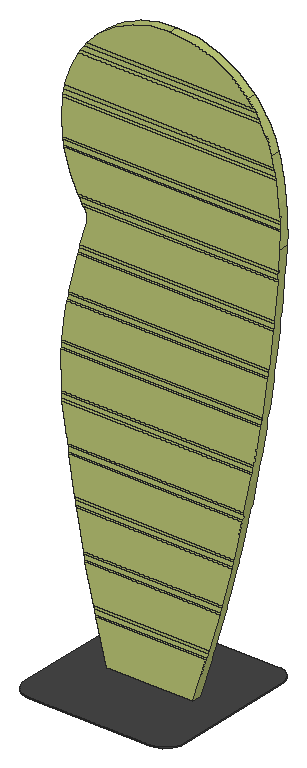
Revit family "Haworth_BuzziPlant_Doldi", category Furniture, Revit 2018
Family settings
  OmniClass Number = 23.40.70.14.64.21
  OmniClass Title = Systems Furniture
  Work Plane-Based = No
  Always vertical = Yes
  Cut with Voids When Loaded = No
  Shared = No
  Room Calculation Point = No
Parameters (values of type "HCBZ-PTS2-2")
  Warranty = "http://www.haworth.com/resources/product-info/warranties"
  Upholstery Finish [instance] = Haworth _ Fabric _ Trevira CS _ Pistache BCS-7009
  Upholstery Depth = 1 15/256"  # constant formula
  URL - Product = "https://www.haworth.com/products/architectural-interiors/acoustic-solutions/buzziplant"
  URL = "http://www.haworth.com/our-brands/haworth-collection"
  Size = "Verify Final Dim. w/ Haworth"  # constant formula
  Revision Number = "1"  # constant formula
  Model = "HCBZ-PTS"  # constant formula
  Manufacturer = "Haworth"  # constant formula
  Description = "Haworth BuzziPlant - Doldi"  # constant formula
  Base Finish [instance] = Haworth _ Paint _ Black BTR-9005
  Author = "Haworth (Abd Rahman)"  # constant formula
  Assembly Code = "E2020200"
  Actual Width = 26 197/256"  # constant formula
  Actual Height = 70 151/256"  # constant formula
  Actual Depth = 19 37/128"  # constant formula
Reference planes (in)
  plane 1 "Center F/B": y = 1.75
  plane 2: z = 0
  plane 3 "Back": y = 11.39453
  plane 4 "Front": y = -7.89453
  plane 5 "Top": z = 70.58984
  plane 6 "Right": x = 42.54045
  plane 7 "Left": x = 15.77092
  plane 8: x = 29.15569
  plane 9 "Front Surface": y = 1.22
  plane 10 "Back Surface": y = 2.28
  plane 11 "Base Top": z = 0.11811
Forms (in)
  Extrusion 1, solid, material "Haworth _ Paint _ Black BTR-9005" <- "Base Finish"
    sketch origin (0, 0, 0) x (1, 0, 0) y (0, 1, 0)
      loop
        arc (33.95479, -7.89453) -> (35.63301, -7.19939) -> (36.32815, -5.52117) r 2.37336
        line (36.32815, -5.52117) -> (36.32815, 9.01953)
        arc (36.32815, 9.01953) -> (35.63253, 10.69891) -> (33.95315, 11.39453) r 2.375
        line (33.95315, 11.39453) -> (19.41181, 11.39453)
        arc (19.41181, 11.39453) -> (17.73243, 10.69891) -> (17.03681, 9.01953) r 2.375
        line (17.03681, 9.01953) -> (17.03681, -5.51953)
        arc (17.03681, -5.51953) -> (17.73243, -7.19891) -> (19.41181, -7.89453) r 2.375
        line (19.41181, -7.89453) -> (33.95479, -7.89453)
    from 0 to 0.11811
  Extrusion 2, solid, material "Haworth _ Fabric _ Trevira CS _ Pistache BCS-7009" <- "Upholstery Finish"
    sketch origin (0, 1.75, 0) x (1, 0, 0) y (0, 0, 1)
      loop
        arc (31.84026, 0.11811) -> (38.81864, 26.07288) -> (42.4291, 52.7058) r 210.25874
        arc (42.4291, 52.7058) -> (42.36117, 57.70472) -> (41.45462, 62.62123) r 29.66106
        arc (41.45462, 62.62123) -> (40.33025, 65.35504) -> (38.57169, 67.73105) r 12
        arc (38.57169, 67.73105) -> (34.27808, 70.71088) -> (29.15569, 71.74802) r 12.9325
        arc (29.15569, 71.74802) -> (21.01938, 68.89014) -> (16.40351, 61.60586) r 13.14912
        arc (16.40351, 61.60586) -> (16.24581, 55.11419) -> (18.70599, 49.10469) r 15.84071
        arc (18.70599, 49.10469) -> (19.06944, 48.16587) -> (18.9871, 47.16252) r 2.25
        arc (18.9871, 47.16252) -> (17.52954, 41.98883) -> (16.41524, 36.73052) r 81.71747
        arc (16.41524, 36.73052) -> (15.89169, 30.48861) -> (16.52207, 24.2566) r 34
        arc (16.52207, 24.2566) -> (16.54601, 24.13533) -> (16.57038, 24.01415) r 34.41015
        arc (16.57038, 24.01415) -> (16.64853, 23.59013) -> (16.7114, 23.16359) r 12
        arc (16.7114, 23.16359) -> (18.67169, 11.54738) -> (21.52663, 0.11811) r 151.83948
        line (21.52663, 0.11811) -> (31.84026, 0.11811)
    from -0.53 to 0.53
  Extrusion 3, void
    sketch origin (42.54045, 0, 0) x (0, 1, 0) y (0, 0, 1)
      loop
        line (2.55727, 62.57862) -> (2.55727, 70.25962) -> (2.21369, 66.54836)
        arc (2.21369, 66.54836) -> (2.20094, 66.2599) -> (2.21598, 65.97155) r 3
        line (2.21598, 65.97155) -> (2.55727, 62.57862)
    from -31.82823 to 12
  Extrusion 4, void
    sketch origin (42.54045, 3.5, 0) x (0, -1, 0) y (0, 0, -1)
      loop
        line (2.58546, -62.57862) -> (2.24416, -65.97155)
        arc (2.24416, -65.97155) -> (2.22913, -66.2599) -> (2.24188, -66.54836) r 3
        line (2.24188, -66.54836) -> (2.58546, -70.25962) -> (2.58546, -62.57862)
    from -31.82823 to 12
  Extrusion 5, void
    sketch origin (42.54045, 0, -5.5) x (0, 1, 0) y (0, 0, 1)
      loop
        line (2.55727, 62.57862) -> (2.55727, 70.25962) -> (2.21369, 66.54836)
        arc (2.21369, 66.54836) -> (2.20094, 66.2599) -> (2.21598, 65.97155) r 3
        line (2.21598, 65.97155) -> (2.55727, 62.57862)
    from -31.82823 to 12
  Extrusion 6, void
    sketch origin (42.54045, 3.5, -5.5) x (0, -1, 0) y (0, 0, -1)
      loop
        line (2.58546, -62.57862) -> (2.24416, -65.97155)
        arc (2.24416, -65.97155) -> (2.22913, -66.2599) -> (2.24188, -66.54836) r 3
        line (2.24188, -66.54836) -> (2.58546, -70.25962) -> (2.58546, -62.57862)
    from -31.82823 to 12
  Extrusion 7, void
    sketch origin (42.54045, -0.01396, -11.02368) x (0, 1, 0) y (0, 0, 1)
      loop
        line (2.55727, 62.57862) -> (2.55727, 70.25962) -> (2.21369, 66.54836)
        arc (2.21369, 66.54836) -> (2.20094, 66.2599) -> (2.21598, 65.97155) r 3
        line (2.21598, 65.97155) -> (2.55727, 62.57862)
    from -31.82823 to 12
  Extrusion 8, void
    sketch origin (42.54045, 3.48604, -11.02368) x (0, -1, 0) y (0, 0, -1)
      loop
        line (2.58546, -62.57862) -> (2.24416, -65.97155)
        arc (2.24416, -65.97155) -> (2.22913, -66.2599) -> (2.24188, -66.54836) r 3
        line (2.24188, -66.54836) -> (2.58546, -70.25962) -> (2.58546, -62.57862)
    from -31.82823 to 12
  Extrusion 9, void
    sketch origin (42.54045, -0.01396, -16.53549) x (0, 1, 0) y (0, 0, 1)
      loop
        line (2.55727, 62.57862) -> (2.55727, 70.25962) -> (2.21369, 66.54836)
        arc (2.21369, 66.54836) -> (2.20094, 66.2599) -> (2.21598, 65.97155) r 3
        line (2.21598, 65.97155) -> (2.55727, 62.57862)
    from -31.82823 to 12
  Extrusion 10, void
    sketch origin (42.54045, 3.48604, -16.53549) x (0, -1, 0) y (0, 0, -1)
      loop
        line (2.58546, -62.57862) -> (2.24416, -65.97155)
        arc (2.24416, -65.97155) -> (2.22913, -66.2599) -> (2.24188, -66.54836) r 3
        line (2.24188, -66.54836) -> (2.58546, -70.25962) -> (2.58546, -62.57862)
    from -31.82823 to 12
  Extrusion 11, void
    sketch origin (42.54045, -0.01396, -22.0473) x (0, 1, 0) y (0, 0, 1)
      loop
        line (2.55727, 62.57862) -> (2.55727, 70.25962) -> (2.21369, 66.54836)
        arc (2.21369, 66.54836) -> (2.20094, 66.2599) -> (2.21598, 65.97155) r 3
        line (2.21598, 65.97155) -> (2.55727, 62.57862)
    from -31.82823 to 12
  Extrusion 12, void
    sketch origin (42.54045, 3.48604, -22.0473) x (0, -1, 0) y (0, 0, -1)
      loop
        line (2.58546, -62.57862) -> (2.24416, -65.97155)
        arc (2.24416, -65.97155) -> (2.22913, -66.2599) -> (2.24188, -66.54836) r 3
        line (2.24188, -66.54836) -> (2.58546, -70.25962) -> (2.58546, -62.57862)
    from -31.82823 to 12
  Extrusion 13, void
    sketch origin (42.54045, -0.01396, -27.55911) x (0, 1, 0) y (0, 0, 1)
      loop
        line (2.55727, 62.57862) -> (2.55727, 70.25962) -> (2.21369, 66.54836)
        arc (2.21369, 66.54836) -> (2.20094, 66.2599) -> (2.21598, 65.97155) r 3
        line (2.21598, 65.97155) -> (2.55727, 62.57862)
    from -31.82823 to 12
  Extrusion 14, void
    sketch origin (42.54045, 3.48604, -27.55911) x (0, -1, 0) y (0, 0, -1)
      loop
        line (2.58546, -62.57862) -> (2.24416, -65.97155)
        arc (2.24416, -65.97155) -> (2.22913, -66.2599) -> (2.24188, -66.54836) r 3
        line (2.24188, -66.54836) -> (2.58546, -70.25962) -> (2.58546, -62.57862)
    from -31.82823 to 12
  Extrusion 15, void
    sketch origin (42.54045, -0.01396, -33.07092) x (0, 1, 0) y (0, 0, 1)
      loop
        line (2.55727, 62.57862) -> (2.55727, 70.25962) -> (2.21369, 66.54836)
        arc (2.21369, 66.54836) -> (2.20094, 66.2599) -> (2.21598, 65.97155) r 3
        line (2.21598, 65.97155) -> (2.55727, 62.57862)
    from -31.82823 to 12
  Extrusion 16, void
    sketch origin (42.54045, 3.48604, -33.07092) x (0, -1, 0) y (0, 0, -1)
      loop
        line (2.58546, -62.57862) -> (2.24416, -65.97155)
        arc (2.24416, -65.97155) -> (2.22913, -66.2599) -> (2.24188, -66.54836) r 3
        line (2.24188, -66.54836) -> (2.58546, -70.25962) -> (2.58546, -62.57862)
    from -31.82823 to 12
  Extrusion 17, void
    sketch origin (42.54045, -0.01381, -38.58271) x (0, 1, 0) y (0, 0, 1)
      loop
        line (2.55727, 62.57862) -> (2.55727, 70.25962) -> (2.21369, 66.54836)
        arc (2.21369, 66.54836) -> (2.20094, 66.2599) -> (2.21598, 65.97155) r 3
        line (2.21598, 65.97155) -> (2.55727, 62.57862)
    from -31.82823 to 12
  Extrusion 18, void
    sketch origin (42.54045, 3.48619, -38.58271) x (0, -1, 0) y (0, 0, -1)
      loop
        line (2.58546, -62.57862) -> (2.24416, -65.97155)
        arc (2.24416, -65.97155) -> (2.22913, -66.2599) -> (2.24188, -66.54836) r 3
        line (2.24188, -66.54836) -> (2.58546, -70.25962) -> (2.58546, -62.57862)
    from -31.82823 to 12
  Extrusion 19, void
    sketch origin (42.54045, -0.01396, -44.09454) x (0, 1, 0) y (0, 0, 1)
      loop
        line (2.55727, 62.57862) -> (2.55727, 70.25962) -> (2.21369, 66.54836)
        arc (2.21369, 66.54836) -> (2.20094, 66.2599) -> (2.21598, 65.97155) r 3
        line (2.21598, 65.97155) -> (2.55727, 62.57862)
    from -31.82823 to 12
  Extrusion 20, void
    sketch origin (42.54045, 3.48604, -44.09454) x (0, -1, 0) y (0, 0, -1)
      loop
        line (2.58546, -62.57862) -> (2.24416, -65.97155)
        arc (2.24416, -65.97155) -> (2.22913, -66.2599) -> (2.24188, -66.54836) r 3
        line (2.24188, -66.54836) -> (2.58546, -70.25962) -> (2.58546, -62.57862)
    from -31.82823 to 12
  Extrusion 21, void
    sketch origin (42.54045, -0.01396, -49.60636) x (0, 1, 0) y (0, 0, 1)
      loop
        line (2.55727, 62.57862) -> (2.55727, 70.25962) -> (2.21369, 66.54836)
        arc (2.21369, 66.54836) -> (2.20094, 66.2599) -> (2.21598, 65.97155) r 3
        line (2.21598, 65.97155) -> (2.55727, 62.57862)
    from -31.82823 to 12
  Extrusion 22, void
    sketch origin (42.54045, 3.48604, -49.60636) x (0, -1, 0) y (0, 0, -1)
      loop
        line (2.58546, -62.57862) -> (2.24416, -65.97155)
        arc (2.24416, -65.97155) -> (2.22913, -66.2599) -> (2.24188, -66.54836) r 3
        line (2.24188, -66.54836) -> (2.58546, -70.25962) -> (2.58546, -62.57862)
    from -31.82823 to 12
  Extrusion 23, void
    sketch origin (42.54045, -0.01396, -55.11817) x (0, 1, 0) y (0, 0, 1)
      loop
        line (2.55727, 62.57862) -> (2.55727, 70.25962) -> (2.21369, 66.54836)
        arc (2.21369, 66.54836) -> (2.20094, 66.2599) -> (2.21598, 65.97155) r 3
        line (2.21598, 65.97155) -> (2.55727, 62.57862)
    from -31.82823 to 12
  Extrusion 24, void
    sketch origin (42.54045, 3.48604, -55.11817) x (0, -1, 0) y (0, 0, -1)
      loop
        line (2.58546, -62.57862) -> (2.24416, -65.97155)
        arc (2.24416, -65.97155) -> (2.22913, -66.2599) -> (2.24188, -66.54836) r 3
        line (2.24188, -66.54836) -> (2.58546, -70.25962) -> (2.58546, -62.57862)
    from -31.82823 to 12
  Extrusion 25, void
    sketch origin (42.54045, -0.01396, -60.62998) x (0, 1, 0) y (0, 0, 1)
      loop
        line (2.55727, 62.57862) -> (2.55727, 70.25962) -> (2.21369, 66.54836)
        arc (2.21369, 66.54836) -> (2.20094, 66.2599) -> (2.21598, 65.97155) r 3
        line (2.21598, 65.97155) -> (2.55727, 62.57862)
    from -31.82823 to 12
  Extrusion 26, void
    sketch origin (42.54045, 3.48604, -60.62998) x (0, -1, 0) y (0, 0, -1)
      loop
        line (2.58546, -62.57862) -> (2.24416, -65.97155)
        arc (2.24416, -65.97155) -> (2.22913, -66.2599) -> (2.24188, -66.54836) r 3
        line (2.24188, -66.54836) -> (2.58546, -70.25962) -> (2.58546, -62.57862)
    from -31.82823 to 12
Cuts and joins
  Extrusion 3, Extrusion 4, Extrusion 5, Extrusion 6, Extrusion 7, Extrusion 8, Extrusion 9, Extrusion 10, Extrusion 11, Extrusion 12, Extrusion 13, Extrusion 14, Extrusion 15, Extrusion 16, Extrusion 17, Extrusion 18, Extrusion 19, Extrusion 20, Extrusion 21, Extrusion 22, Extrusion 23, Extrusion 24, Extrusion 25, Extrusion 26 cuts Extrusion 2
Lines and regions (in)
  Masking region 1
    outline origin (0, 0, 0) x (1, 0, 0) y (0, 1, 0)
      loop
        line (36.32815, -5.52117) -> (36.32815, 1.22) -> (42.54045, 1.22) -> (42.54045, 2.28) -> (36.32815, 2.28) -> (36.32815, 9.01953)
        arc (36.32815, 9.01953) -> (35.63253, 10.69891) -> (33.95315, 11.39453) r 2.375
        line (33.95315, 11.39453) -> (19.41181, 11.39453)
        arc (19.41181, 11.39453) -> (17.73243, 10.69891) -> (17.03681, 9.01953) r 2.375
        line (17.03681, 9.01953) -> (17.03681, 2.28) -> (15.77092, 2.28) -> (15.77092, 1.22) -> (17.03681, 1.22) -> (17.03681, -5.51953)
        arc (17.03681, -5.51953) -> (17.73243, -7.19891) -> (19.41181, -7.89453) r 2.375
        line (19.41181, -7.89453) -> (33.95479, -7.89453)
        arc (33.95479, -7.89453) -> (35.63301, -7.19939) -> (36.32815, -5.52117) r 2.37336
  symbolic lines
    curve 1: line (36.32815, 2.28, 0) -> (17.03681, 2.28, 0)
    curve 2: line (17.03681, 1.22, 0) -> (36.32815, 1.22, 0)
Dimensions and locks (in)
  "Actual Width": plane 7 "Left" to plane 6 "Right"
  "Actual Depth": plane 4 "Front" to plane 3 "Back"
  equal spacing: plane 4 "Front", plane 1 "Center F/B", plane 3 "Back"
  "Actual Height": plane 5 "Top" to level
  equal spacing: plane 7 "Left", plane 8, plane 6 "Right"
  plane 10 "Back Surface" to plane 9 "Front Surface" = 1.06"
  aligned and locked: Extrusion 1 sketch curve to plane 3 "Back"
  aligned and locked: Extrusion 1 sketch curve to plane 4 "Front"
  aligned and locked: Extrusion 1 to plane 2
  aligned and locked: plane 11 "Base Top" to Extrusion 1
  aligned and locked: plane 10 "Back Surface" to Extrusion 2
  aligned and locked: Extrusion 2 to plane 9 "Front Surface"
Automatic sketch dimensions
  Extrusion 1 sketch curve to plane 7 "Left" = 1.26589"
  Extrusion 1 sketch curve to Extrusion 1 sketch curve = 2 3/8"  (x2)
  Extrusion 1 sketch curve to plane 3 "Back" = 2 3/8"
  Extrusion 1 sketch curve to plane 8 = 4.79746"
  Extrusion 1 sketch curve to plane 4 "Front" = 2.37336"
  Extrusion 2 sketch curve to plane 11 "Base Top" = 0"
  plane 8 to Extrusion 2 sketch curve = 0"  (x2)
  Extrusion 2 sketch curve to plane 7 "Left" = 5.75571"
  Extrusion 2 sketch curve to plane 7 "Left" = 1.07172"
  plane 7 "Left" to Extrusion 2 sketch curve = 2.9286"
  plane 7 "Left" to Extrusion 2 sketch curve = 10.96077"
  Extrusion 2 sketch curve to plane 5 "Top" = 3.01312"
  Extrusion 2 sketch curve to Extrusion 2 sketch curve = 172.11324"
  Extrusion 2 sketch curve to plane 8 = 0.04773"
  Extrusion 2 sketch curve to plane 8 = 0.04853"
  Extrusion 2 sketch curve to plane 8 = 0.72323"
  Extrusion 2 sketch curve to Extrusion 2 sketch curve = 1.94557"
  Extrusion 2 sketch curve to plane 8 = 2.68457"
  plane 6 "Right" to Extrusion 2 sketch curve = 7.34999"
  Extrusion 2 sketch curve to Extrusion 2 sketch curve = 0.40253"
  plane 11 "Base Top" to Extrusion 2 sketch curve = 22.31012"
  Extrusion 2 sketch curve to Extrusion 2 sketch curve = 46.5784"
  Extrusion 2 sketch curve to plane 5 "Top" = 27.98706"
  Extrusion 2 sketch curve to Extrusion 2 sketch curve = 70.43002"
  plane 11 "Base Top" to Extrusion 2 sketch curve = 21.50918"
  level to Extrusion 2 sketch curve = 30.7798"
  Extrusion 2 sketch curve to Extrusion 2 sketch curve = 0.07869"
  Extrusion 2 sketch curve to plane 5 "Top" = 22.74629"
  Extrusion 2 sketch curve to Extrusion 2 sketch curve = 6.96008"
  Extrusion 2 sketch curve to Extrusion 2 sketch curve = 5.27769"
  Extrusion 2 sketch curve to Extrusion 2 sketch curve = 0.6155"
  Extrusion 2 sketch curve to Extrusion 2 sketch curve = 0.21663"
  Extrusion 2 sketch curve to Extrusion 2 sketch curve = 0.64285"
  Extrusion 2 sketch curve to Extrusion 2 sketch curve = 2.14446"
  Extrusion 2 sketch curve to Extrusion 2 sketch curve = 0"  (x7)
  Extrusion 3 sketch curve to plane 10 "Back Surface" = 0.06631"
  Extrusion 3 sketch curve to plane 10 "Back Surface" = 0.06402"
  plane 10 "Back Surface" to Extrusion 3 sketch curve = 0.27727"
  plane 10 "Back Surface" to Extrusion 3 sketch curve = 2.92092"
  Extrusion 3 sketch curve to plane 5 "Top" = 8.01122"
  Extrusion 3 sketch curve to Extrusion 3 sketch curve = 3.39293"
  Extrusion 3 sketch curve to Extrusion 3 sketch curve = 0.30025"
  Extrusion 3 sketch curve to plane 5 "Top" = 0.33022"
  Extrusion 4 sketch curve to plane 9 "Front Surface" = 0.03812"
  Extrusion 4 sketch curve to plane 9 "Front Surface" = 0.03584"
  plane 9 "Front Surface" to Extrusion 4 sketch curve = 0.30546"
  plane 9 "Front Surface" to Extrusion 4 sketch curve = 2.9491"
  plane 5 "Top" to Extrusion 4 sketch curve = 8.01122"
  Extrusion 4 sketch curve to Extrusion 4 sketch curve = 3.39293"
  Extrusion 4 sketch curve to Extrusion 4 sketch curve = 0.30025"
  plane 5 "Top" to Extrusion 4 sketch curve = 0.33022"
  Extrusion 5 sketch curve to plane 10 "Back Surface" = 0.06631"
  Extrusion 5 sketch curve to plane 10 "Back Surface" = 0.06402"
  plane 10 "Back Surface" to Extrusion 5 sketch curve = 0.27727"
  plane 10 "Back Surface" to Extrusion 5 sketch curve = 2.92092"
  Extrusion 5 sketch curve to plane 5 "Top" = 13.51122"
  Extrusion 5 sketch curve to Extrusion 5 sketch curve = 3.39293"
  Extrusion 5 sketch curve to Extrusion 5 sketch curve = 0.30025"
  Extrusion 5 sketch curve to Extrusion 5 sketch curve = 3.71126"
  Extrusion 6 sketch curve to plane 9 "Front Surface" = 0.03812"
  Extrusion 6 sketch curve to plane 9 "Front Surface" = 0.03584"
  plane 9 "Front Surface" to Extrusion 6 sketch curve = 0.30546"
  plane 9 "Front Surface" to Extrusion 6 sketch curve = 2.9491"
  plane 5 "Top" to Extrusion 6 sketch curve = 13.51122"
  Extrusion 6 sketch curve to Extrusion 6 sketch curve = 3.39293"
  Extrusion 6 sketch curve to Extrusion 6 sketch curve = 0.30025"
  Extrusion 6 sketch curve to Extrusion 6 sketch curve = 3.71126"
  Extrusion 7 sketch curve to plane 10 "Back Surface" = 0.08027"
  Extrusion 7 sketch curve to plane 10 "Back Surface" = 0.07798"
  plane 10 "Back Surface" to Extrusion 7 sketch curve = 0.26331"
  plane 10 "Back Surface" to Extrusion 7 sketch curve = 2.90696"
  Extrusion 7 sketch curve to plane 5 "Top" = 19.0349"
  Extrusion 7 sketch curve to Extrusion 7 sketch curve = 3.39293"
  Extrusion 7 sketch curve to Extrusion 7 sketch curve = 0.30025"
  Extrusion 7 sketch curve to Extrusion 7 sketch curve = 3.71126"
  Extrusion 8 sketch curve to plane 9 "Front Surface" = 0.02416"
  Extrusion 8 sketch curve to plane 9 "Front Surface" = 0.02188"
  plane 9 "Front Surface" to Extrusion 8 sketch curve = 0.31942"
  plane 9 "Front Surface" to Extrusion 8 sketch curve = 2.96306"
  plane 5 "Top" to Extrusion 8 sketch curve = 19.0349"
  Extrusion 8 sketch curve to Extrusion 8 sketch curve = 3.39293"
  Extrusion 8 sketch curve to Extrusion 8 sketch curve = 0.30025"
  Extrusion 8 sketch curve to Extrusion 8 sketch curve = 3.71126"
  Extrusion 9 sketch curve to plane 10 "Back Surface" = 0.08027"
  Extrusion 9 sketch curve to plane 10 "Back Surface" = 0.07798"
  plane 10 "Back Surface" to Extrusion 9 sketch curve = 0.26331"
  plane 10 "Back Surface" to Extrusion 9 sketch curve = 2.90696"
  Extrusion 9 sketch curve to plane 5 "Top" = 24.54671"
  Extrusion 9 sketch curve to Extrusion 9 sketch curve = 3.39293"
  Extrusion 9 sketch curve to Extrusion 9 sketch curve = 0.30025"
  Extrusion 9 sketch curve to Extrusion 9 sketch curve = 3.71126"
  Extrusion 10 sketch curve to plane 9 "Front Surface" = 0.02416"
  Extrusion 10 sketch curve to plane 9 "Front Surface" = 0.02188"
  plane 9 "Front Surface" to Extrusion 10 sketch curve = 0.31942"
  plane 9 "Front Surface" to Extrusion 10 sketch curve = 2.96306"
  plane 5 "Top" to Extrusion 10 sketch curve = 24.54671"
  Extrusion 10 sketch curve to Extrusion 10 sketch curve = 3.39293"
  Extrusion 10 sketch curve to Extrusion 10 sketch curve = 0.30025"
  Extrusion 10 sketch curve to Extrusion 10 sketch curve = 3.71126"
  Extrusion 11 sketch curve to plane 10 "Back Surface" = 0.08027"
  Extrusion 11 sketch curve to plane 10 "Back Surface" = 0.07798"
  plane 10 "Back Surface" to Extrusion 11 sketch curve = 0.26331"
  plane 10 "Back Surface" to Extrusion 11 sketch curve = 2.90696"
  Extrusion 11 sketch curve to plane 5 "Top" = 30.05852"
  Extrusion 11 sketch curve to Extrusion 11 sketch curve = 3.39293"
  Extrusion 11 sketch curve to Extrusion 11 sketch curve = 0.30025"
  Extrusion 11 sketch curve to Extrusion 11 sketch curve = 3.71126"
  Extrusion 12 sketch curve to plane 9 "Front Surface" = 0.02416"
  Extrusion 12 sketch curve to plane 9 "Front Surface" = 0.02188"
  plane 9 "Front Surface" to Extrusion 12 sketch curve = 0.31942"
  plane 9 "Front Surface" to Extrusion 12 sketch curve = 2.96306"
  plane 5 "Top" to Extrusion 12 sketch curve = 30.05852"
  Extrusion 12 sketch curve to Extrusion 12 sketch curve = 3.39293"
  Extrusion 12 sketch curve to Extrusion 12 sketch curve = 0.30025"
  Extrusion 12 sketch curve to Extrusion 12 sketch curve = 3.71126"
  Extrusion 13 sketch curve to plane 10 "Back Surface" = 0.08027"
  Extrusion 13 sketch curve to plane 10 "Back Surface" = 0.07798"
  plane 10 "Back Surface" to Extrusion 13 sketch curve = 0.26331"
  plane 10 "Back Surface" to Extrusion 13 sketch curve = 2.90696"
  plane 11 "Base Top" to Extrusion 13 sketch curve = 34.9014"
  Extrusion 13 sketch curve to Extrusion 13 sketch curve = 3.39293"
  Extrusion 13 sketch curve to Extrusion 13 sketch curve = 0.30025"
  Extrusion 13 sketch curve to Extrusion 13 sketch curve = 3.71126"
  Extrusion 14 sketch curve to plane 9 "Front Surface" = 0.02416"
  Extrusion 14 sketch curve to plane 9 "Front Surface" = 0.02188"
  plane 9 "Front Surface" to Extrusion 14 sketch curve = 0.31942"
  plane 9 "Front Surface" to Extrusion 14 sketch curve = 2.96306"
  Extrusion 14 sketch curve to plane 11 "Base Top" = 34.9014"
  Extrusion 14 sketch curve to Extrusion 14 sketch curve = 3.39293"
  Extrusion 14 sketch curve to Extrusion 14 sketch curve = 0.30025"
  Extrusion 14 sketch curve to Extrusion 14 sketch curve = 3.71126"
  Extrusion 15 sketch curve to plane 10 "Back Surface" = 0.08027"
  Extrusion 15 sketch curve to plane 10 "Back Surface" = 0.07798"
  plane 10 "Back Surface" to Extrusion 15 sketch curve = 0.26331"
  plane 10 "Back Surface" to Extrusion 15 sketch curve = 2.90696"
  plane 11 "Base Top" to Extrusion 15 sketch curve = 29.38959"
  Extrusion 15 sketch curve to Extrusion 15 sketch curve = 3.39293"
  Extrusion 15 sketch curve to Extrusion 15 sketch curve = 0.30025"
  Extrusion 15 sketch curve to Extrusion 15 sketch curve = 3.71126"
  Extrusion 16 sketch curve to plane 9 "Front Surface" = 0.02416"
  Extrusion 16 sketch curve to plane 9 "Front Surface" = 0.02188"
  plane 9 "Front Surface" to Extrusion 16 sketch curve = 0.31942"
  plane 9 "Front Surface" to Extrusion 16 sketch curve = 2.96306"
  Extrusion 16 sketch curve to plane 11 "Base Top" = 29.38959"
  Extrusion 16 sketch curve to Extrusion 16 sketch curve = 3.39293"
  Extrusion 16 sketch curve to Extrusion 16 sketch curve = 0.30025"
  Extrusion 16 sketch curve to Extrusion 16 sketch curve = 3.71126"
  Extrusion 17 sketch curve to plane 10 "Back Surface" = 0.08011"
  Extrusion 17 sketch curve to plane 10 "Back Surface" = 0.07783"
  plane 10 "Back Surface" to Extrusion 17 sketch curve = 0.26347"
  plane 10 "Back Surface" to Extrusion 17 sketch curve = 2.90711"
  plane 11 "Base Top" to Extrusion 17 sketch curve = 23.8778"
  Extrusion 17 sketch curve to Extrusion 17 sketch curve = 3.39293"
  Extrusion 17 sketch curve to Extrusion 17 sketch curve = 0.30025"
  Extrusion 17 sketch curve to Extrusion 17 sketch curve = 3.71126"
  Extrusion 18 sketch curve to plane 9 "Front Surface" = 0.02432"
  Extrusion 18 sketch curve to plane 9 "Front Surface" = 0.02203"
  plane 9 "Front Surface" to Extrusion 18 sketch curve = 0.31926"
  plane 9 "Front Surface" to Extrusion 18 sketch curve = 2.96291"
  Extrusion 18 sketch curve to plane 11 "Base Top" = 23.8778"
  Extrusion 18 sketch curve to Extrusion 18 sketch curve = 3.39293"
  Extrusion 18 sketch curve to Extrusion 18 sketch curve = 0.30025"
  Extrusion 18 sketch curve to Extrusion 18 sketch curve = 3.71126"
  Extrusion 19 sketch curve to plane 10 "Back Surface" = 0.08027"
  Extrusion 19 sketch curve to plane 10 "Back Surface" = 0.07798"
  plane 10 "Back Surface" to Extrusion 19 sketch curve = 0.26331"
  plane 10 "Back Surface" to Extrusion 19 sketch curve = 2.90696"
  plane 11 "Base Top" to Extrusion 19 sketch curve = 18.36597"
  Extrusion 19 sketch curve to Extrusion 19 sketch curve = 3.39293"
  Extrusion 19 sketch curve to Extrusion 19 sketch curve = 0.30025"
  Extrusion 19 sketch curve to Extrusion 19 sketch curve = 3.71126"
  Extrusion 20 sketch curve to plane 9 "Front Surface" = 0.02416"
  Extrusion 20 sketch curve to plane 9 "Front Surface" = 0.02188"
  plane 9 "Front Surface" to Extrusion 20 sketch curve = 0.31942"
  plane 9 "Front Surface" to Extrusion 20 sketch curve = 2.96306"
  Extrusion 20 sketch curve to plane 11 "Base Top" = 18.36597"
  Extrusion 20 sketch curve to Extrusion 20 sketch curve = 3.39293"
  Extrusion 20 sketch curve to Extrusion 20 sketch curve = 0.30025"
  Extrusion 20 sketch curve to Extrusion 20 sketch curve = 3.71126"
  Extrusion 21 sketch curve to plane 10 "Back Surface" = 0.08027"
  Extrusion 21 sketch curve to plane 10 "Back Surface" = 0.07798"
  plane 10 "Back Surface" to Extrusion 21 sketch curve = 0.26331"
  plane 10 "Back Surface" to Extrusion 21 sketch curve = 2.90696"
  plane 11 "Base Top" to Extrusion 21 sketch curve = 12.85416"
  Extrusion 21 sketch curve to Extrusion 21 sketch curve = 3.39293"
  Extrusion 21 sketch curve to Extrusion 21 sketch curve = 0.30025"
  Extrusion 21 sketch curve to Extrusion 21 sketch curve = 3.71126"
  Extrusion 22 sketch curve to plane 9 "Front Surface" = 0.02416"
  Extrusion 22 sketch curve to plane 9 "Front Surface" = 0.02188"
  plane 9 "Front Surface" to Extrusion 22 sketch curve = 0.31942"
  plane 9 "Front Surface" to Extrusion 22 sketch curve = 2.96306"
  Extrusion 22 sketch curve to plane 11 "Base Top" = 12.85416"
  Extrusion 22 sketch curve to Extrusion 22 sketch curve = 3.39293"
  Extrusion 22 sketch curve to Extrusion 22 sketch curve = 0.30025"
  Extrusion 22 sketch curve to Extrusion 22 sketch curve = 3.71126"
  Extrusion 23 sketch curve to plane 10 "Back Surface" = 0.08027"
  Extrusion 23 sketch curve to plane 10 "Back Surface" = 0.07798"
  plane 10 "Back Surface" to Extrusion 23 sketch curve = 0.26331"
  plane 10 "Back Surface" to Extrusion 23 sketch curve = 2.90696"
  plane 11 "Base Top" to Extrusion 23 sketch curve = 7.34235"
  Extrusion 23 sketch curve to Extrusion 23 sketch curve = 3.39293"
  Extrusion 23 sketch curve to Extrusion 23 sketch curve = 0.30025"
  Extrusion 23 sketch curve to Extrusion 23 sketch curve = 3.71126"
  Extrusion 24 sketch curve to plane 9 "Front Surface" = 0.02416"
  Extrusion 24 sketch curve to plane 9 "Front Surface" = 0.02188"
  plane 9 "Front Surface" to Extrusion 24 sketch curve = 0.31942"
  plane 9 "Front Surface" to Extrusion 24 sketch curve = 2.96306"
  Extrusion 24 sketch curve to plane 11 "Base Top" = 7.34235"
  Extrusion 24 sketch curve to Extrusion 24 sketch curve = 3.39293"
  Extrusion 24 sketch curve to Extrusion 24 sketch curve = 0.30025"
  Extrusion 24 sketch curve to Extrusion 24 sketch curve = 3.71126"
  Extrusion 25 sketch curve to plane 10 "Back Surface" = 0.08027"
  Extrusion 25 sketch curve to plane 10 "Back Surface" = 0.07798"
  plane 10 "Back Surface" to Extrusion 25 sketch curve = 0.26331"
  plane 10 "Back Surface" to Extrusion 25 sketch curve = 2.90696"
  plane 11 "Base Top" to Extrusion 25 sketch curve = 1.83053"
  Extrusion 25 sketch curve to Extrusion 25 sketch curve = 3.39293"
  Extrusion 25 sketch curve to Extrusion 25 sketch curve = 0.30025"
  Extrusion 25 sketch curve to Extrusion 25 sketch curve = 3.71126"
  Extrusion 26 sketch curve to plane 9 "Front Surface" = 0.02416"
  Extrusion 26 sketch curve to plane 9 "Front Surface" = 0.02188"
  plane 9 "Front Surface" to Extrusion 26 sketch curve = 0.31942"
  plane 9 "Front Surface" to Extrusion 26 sketch curve = 2.96306"
  Extrusion 26 sketch curve to plane 11 "Base Top" = 1.83053"
  Extrusion 26 sketch curve to Extrusion 26 sketch curve = 3.39293"
  Extrusion 26 sketch curve to Extrusion 26 sketch curve = 0.30025"
  Extrusion 26 sketch curve to Extrusion 26 sketch curve = 3.71126"
  plane 4 "Front" to Masking region 1 sketch curve = 0"
  Masking region 1 sketch curve to plane 4 "Front" = 2.37336"
  Masking region 1 sketch curve to plane 7 "Left" = 3.64089"
  Masking region 1 sketch curve to plane 4 "Front" = 2 3/8"
  Masking region 1 sketch curve to plane 3 "Back" = 2 3/8"  (x2)
  Masking region 1 sketch curve to plane 3 "Back" = 0"
  Masking region 1 sketch curve to plane 7 "Left" = 0"
  Masking region 1 sketch curve to plane 9 "Front Surface" = 0"  (x2)
  Masking region 1 sketch curve to plane 10 "Back Surface" = 0"  (x2)
  Masking region 1 sketch curve to plane 8 = 4.79746"
  Masking region 1 sketch curve to plane 6 "Right" = 0"
  Masking region 1 sketch curve to plane 8 = 4.7991"
  Masking region 1 sketch curve to plane 7 "Left" = 1.26589"
  curve 1 to plane 10 "Back Surface" = 0"
  curve 2 to plane 9 "Front Surface" = 0"
  curve 1 to plane 7 "Left" = 1.26589"
  curve 2 to curve 1 = 0"
  curve 2 to plane 6 "Right" = 6.21231"
  curve 1 to curve 2 = 0"
